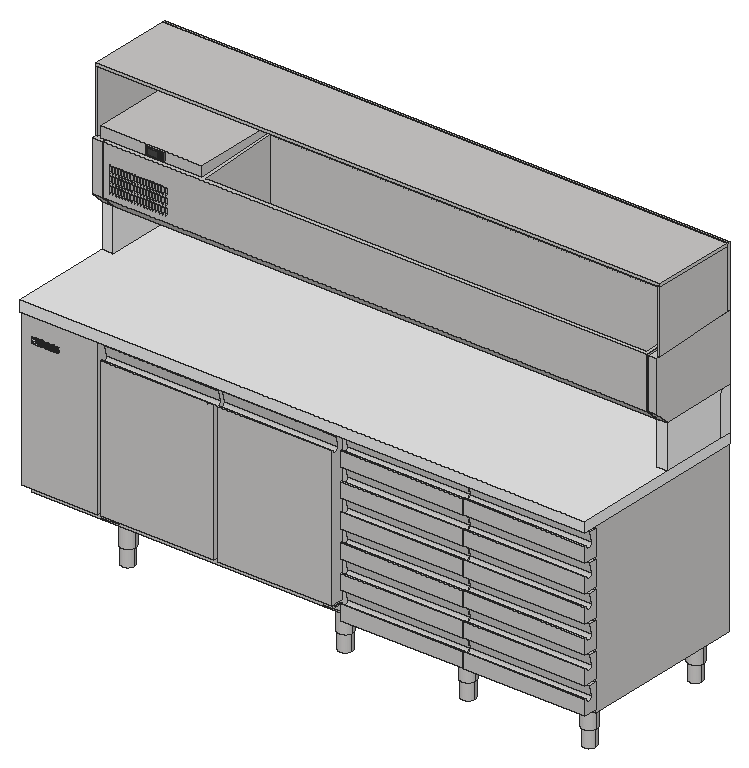
Revit family "QF_ELECTROLUXPROFESSIONAL_725189_RCSH2D12W", category Attrezzature speciali, Revit 2021
Family settings
  Quota connettore circolare = Usa diametro
  Tipo di parte = Normale
  Basato su piano di lavoro = No
  Sempre verticale = Sì
  Taglio con vuoti quando caricato = No
  Condiviso = No
  Punto di calcolo locali = No
Parameters (values of type "Standard")
  Weight = 330.00 kg
  Watts = 420 W
  Volts = 220 V
  URL Manufacturer = "https://www.electroluxprofessional.com/"
  URL = "https://www.electroluxprofessional.com/"
  Steam Supply Size = 0 mm
  Steam Supply Minimum Pressure = 0.0 Pa
  Steam Supply Maximum Pressure = 0.0 Pa
  Steam Consumption per Hour = 0
  Refrigeration Suction Line Size = 0 mm
  Refrigeration Liquid Line Size = 0 mm
  Refrigerant Compressor Remote = yes
  Prospetto di default = 0 mm
  Produttore = "Electrolux Professional"
  Phase = 1
  Modello = "RCSH2D12W"
  Length Actual = 2180 mm  # constant formula
  Item Number = "725189"
  Hot Water Size = 0 mm
  Height Actual = 1502 mm  # constant formula
  HP = "0.6 HP"
  Gas Size = 0 mm
  Gas KW = 0
  Gas Input Pressure = 0 W
  Direct Waste Size = 0 mm
  Descrizione = "REFRIGERATED COUNTER+SHOWCASE 2 DOORS 2x6 DRAWERS"
  Depth Actual = 700 mm  # constant formula
  Cycle = 50 Hz
  Condensate Return Size = 0 mm
  Compressed Air Volume = 0.0 L/s
  Compressed Air Size = 0 mm
  Compressed Air Pressure = 0.0 Pa
  Cold Water Size = 0 mm
  Accessory = yes
Reference planes
  plane 1: z = 0
  plane 2 "Center (Left/Right)": x = -86
  plane 3 "Center (Front/Back)": y = 64.5
  plane 4 "BACK": y = 414.5
  plane 5 "FRONT": y = -285.5
  plane 6 "LEFT": x = -1178.5
  plane 7 "RIGHT": x = 1006.5
  plane 8 "FEET": z = 150
  plane 9 "TOP": z = 840
  plane 10 "PLAIN": z = 800
  plane 11 "EI_back": y = 124.5
  plane 12 "EI_left": x = -1134.5
  plane 13 "BorderBack": y = 412
  plane 14 "BorderFront": y = -283
  plane 15 "DOOR": y = -230.5
  plane 16 "BorderLeft": x = -1176
  plane 17 "BorderRight": x = 1004
  plane 18: x = -921
  plane 19: z = 1005
  plane 20: z = 1502
  plane 21: y = 79.5
  plane 22: z = 1266
  plane 23: z = 1216
  plane 24: x = -843
  plane 25: x = 943
  plane 26: y = 331
  plane 27: y = -183
  plane 28 "DrainY": y = -26
  plane 29 "EIz": z = 1020.844
  plane 30 "DrainX": x = -420
  plane 31: x = -2
  plane 32: y = -683.115
  plane 33: y = -940.5
  plane 34: x = 473
Forms (mm)
  Extrusion 1, solid, material "QF_Finishes_Stainless Steel"
    sketch origin (-1022.223, -1524, 150) x (-1, 0, 0) y (0, -1, 0)
      loop
        circle (112.277, -1648.5) r 5
    from 870 to 865.223
  Extrusion 2, solid, material "QF_Finishes_Stainless Steel"
    sketch origin (-1022.223, -1524, 150) x (-1, 0, 0) y (0, -1, 0)
      loop
        line (153.777, -1936) -> (153.777, -1293.5) -> (-2026.223, -1293.5) -> (-2026.223, -1936) -> (153.777, -1936)
    from 0 to 650
  Extrusion 3, solid, material "QF_Finished_Stone"
    sketch origin (-86, 0, 0) x (0, 1, 0) y (0, 0, 1)
      loop
        line (414.5, 800) -> (414.5, 840) -> (-285.5, 840) -> (-285.5, 800) -> (414.5, 800)
    from -1092.5 to 1092.5
  Extrusion 4, solid, material "QF_Finished_Stone"
    sketch origin (-86, 0, 0) x (0, 1, 0) y (0, 0, 1)
      loop
        line (414.5, 1005) -> (374.5, 1005) -> (374.5, 840) -> (414.5, 840) -> (414.5, 1005)
    from -1092.5 to 1092.5
  Extrusion 5, solid, material "QF_Finished_Stone"
    sketch origin (-1178.5, 0, 0) x (0, 1, 0) y (0, 0, 1)
      loop
        line (374.5, 840) -> (374.5, 1005) -> (114.5, 1005) -> (114.5, 840) -> (374.5, 840)
    from 0 to 40
  Extrusion 6, solid, material "QF_Finished_Stone"
    sketch origin (1006.5, 0, 0) x (0, 1, 0) y (0, 0, 1)
      loop
        line (374.5, 840) -> (374.5, 1005) -> (114.5, 1005) -> (114.5, 840) -> (374.5, 840)
    from 0 to -40
  Extrusion 7, solid, material "QF_Finishes_Stainless Steel"
    sketch origin (-1178.5, 0, 0) x (0, 1, 0) y (0, 0, 1)
      loop
        line (414.5, 1005) -> (414.5, 1267.476) -> (64.5, 1249.81) -> (64.5, 1055) -> (114.5, 1005) -> (414.5, 1005)
    from 0 to 40
  Extrusion 8, solid, material "QF_Finishes_Stainless Steel"
    sketch origin (1006.5, 0, 0) x (0, 1, 0) y (0, 0, 1)
      loop
        line (414.5, 1005) -> (414.5, 1267.476) -> (64.5, 1249.81) -> (64.5, 1055) -> (114.5, 1005) -> (414.5, 1005)
    from 0 to -40
  Extrusion 9, solid, material "QF_Finishes_Stainless Steel"
    sketch origin (-86, 0, 0) x (0, 1, 0) y (0, 0, 1)
      loop
        line (414.5, 1266.476) -> (414.5, 1502) -> (404.5, 1502) -> (404.5, 1266) -> (414.5, 1266.476)
    from 1092.5 to -1092.5
  Extrusion 10, solid, material "QF_Finishes_Stainless Steel"
    sketch origin (-86, 0, 0) x (0, 1, 0) y (0, 0, 1)
      loop
        line (414.5, 1502) -> (79.5, 1502) -> (79.5, 1492) -> (414.5, 1492) -> (414.5, 1502)
    from 1092.5 to -1092.5
  Extrusion 11, solid, material "QF_Finishes_Stainless Steel"
    sketch origin (-1178.5, 0, 0) x (0, 1, 0) y (0, 0, 1)
      loop
        line (404.5, 1492) -> (79.5, 1492) -> (79.5, 1250.524) -> (404.5, 1266) -> (404.5, 1492)
    from 0 to 10
  Extrusion 12, solid, material "QF_Finishes_Stainless Steel"
    sketch origin (1006.5, 0, 0) x (0, 1, 0) y (0, 0, 1)
      loop
        line (404.5, 1492) -> (79.5, 1492) -> (79.5, 1250.524) -> (404.5, 1266) -> (404.5, 1492)
    from 0 to -10
  Extrusion 13, solid, material "QF_Finishes_Stainless Steel"
    sketch origin (-1178.5, 0, 0) x (0, 1, 0) y (0, 0, 1)
      loop
        line (414.5, 1005) -> (414.5, 1266.476) -> (64.5, 1249.81) -> (64.5, 1055) -> (114.5, 1005) -> (414.5, 1005)
    from 2150 to 40
  Extrusion 14, void
    sketch origin (-86, 0, 0) x (0, 1, 0) y (0, 0, 1)
      loop
        line (79.5, 1061.213) -> (120.713, 1020) -> (389.5, 1020) -> (389.5, 1265.286) -> (79.5, 1250.524) -> (79.5, 1061.213)
    from -665 to 1040
  Extrusion 15, solid, material "QF_Finishes_Stainless Steel"
    sketch origin (-86, 0, 24.524) x (0, 1, 0) y (0, 0, 1)
      loop
        line (404.5, 1266) -> (79.5, 1266) -> (79.5, 1226) -> (404.5, 1241.476) -> (404.5, 1266)
    from -1072 to -679.5
  Extrusion 16, void
    sketch origin (40, 64.5, 0) x (-1, 0, 0) y (0, 0, 1)
      loop
        arc (1152.324, 1174.456) -> (1148.324, 1178.456) -> (1144.324, 1174.456) r 4
        line (1144.324, 1174.456) -> (1144.324, 1152.456)
        arc (1144.324, 1152.456) -> (1148.324, 1148.456) -> (1152.324, 1152.456) r 4
        line (1152.324, 1152.456) -> (1152.324, 1174.456)
      loop
        arc (1152.324, 1104.456) -> (1148.324, 1108.456) -> (1144.324, 1104.456) r 4
        line (1144.324, 1104.456) -> (1144.324, 1082.456)
        arc (1144.324, 1082.456) -> (1148.324, 1078.456) -> (1152.324, 1082.456) r 4
        line (1152.324, 1082.456) -> (1152.324, 1104.456)
      loop
        arc (1152.324, 1139.456) -> (1148.324, 1143.456) -> (1144.324, 1139.456) r 4
        line (1144.324, 1139.456) -> (1144.324, 1117.456)
        arc (1144.324, 1117.456) -> (1148.324, 1113.456) -> (1152.324, 1117.456) r 4
        line (1152.324, 1117.456) -> (1152.324, 1139.456)
      loop
        arc (1140.324, 1174.456) -> (1136.324, 1178.456) -> (1132.324, 1174.456) r 4
        line (1132.324, 1174.456) -> (1132.324, 1152.456)
        arc (1132.324, 1152.456) -> (1136.324, 1148.456) -> (1140.324, 1152.456) r 4
        line (1140.324, 1152.456) -> (1140.324, 1174.456)
      loop
        arc (1140.324, 1104.456) -> (1136.324, 1108.456) -> (1132.324, 1104.456) r 4
        line (1132.324, 1104.456) -> (1132.324, 1082.456)
        arc (1132.324, 1082.456) -> (1136.324, 1078.456) -> (1140.324, 1082.456) r 4
        line (1140.324, 1082.456) -> (1140.324, 1104.456)
      loop
        arc (1140.324, 1139.456) -> (1136.324, 1143.456) -> (1132.324, 1139.456) r 4
        line (1132.324, 1139.456) -> (1132.324, 1117.456)
        arc (1132.324, 1117.456) -> (1136.324, 1113.456) -> (1140.324, 1117.456) r 4
        line (1140.324, 1117.456) -> (1140.324, 1139.456)
      loop
        arc (1116.324, 1174.456) -> (1112.324, 1178.456) -> (1108.324, 1174.456) r 4
        line (1108.324, 1174.456) -> (1108.324, 1152.456)
        arc (1108.324, 1152.456) -> (1112.324, 1148.456) -> (1116.324, 1152.456) r 4
        line (1116.324, 1152.456) -> (1116.324, 1174.456)
      loop
        arc (1116.324, 1104.456) -> (1112.324, 1108.456) -> (1108.324, 1104.456) r 4
        line (1108.324, 1104.456) -> (1108.324, 1082.456)
        arc (1108.324, 1082.456) -> (1112.324, 1078.456) -> (1116.324, 1082.456) r 4
        line (1116.324, 1082.456) -> (1116.324, 1104.456)
      loop
        arc (1116.324, 1139.456) -> (1112.324, 1143.456) -> (1108.324, 1139.456) r 4
        line (1108.324, 1139.456) -> (1108.324, 1117.456)
        arc (1108.324, 1117.456) -> (1112.324, 1113.456) -> (1116.324, 1117.456) r 4
        line (1116.324, 1117.456) -> (1116.324, 1139.456)
      loop
        arc (1128.324, 1174.456) -> (1124.324, 1178.456) -> (1120.324, 1174.456) r 4
        line (1120.324, 1174.456) -> (1120.324, 1152.456)
        arc (1120.324, 1152.456) -> (1124.324, 1148.456) -> (1128.324, 1152.456) r 4
        line (1128.324, 1152.456) -> (1128.324, 1174.456)
      loop
        arc (1128.324, 1104.456) -> (1124.324, 1108.456) -> (1120.324, 1104.456) r 4
        line (1120.324, 1104.456) -> (1120.324, 1082.456)
        arc (1120.324, 1082.456) -> (1124.324, 1078.456) -> (1128.324, 1082.456) r 4
        line (1128.324, 1082.456) -> (1128.324, 1104.456)
      loop
        arc (1128.324, 1139.456) -> (1124.324, 1143.456) -> (1120.324, 1139.456) r 4
        line (1120.324, 1139.456) -> (1120.324, 1117.456)
        arc (1120.324, 1117.456) -> (1124.324, 1113.456) -> (1128.324, 1117.456) r 4
        line (1128.324, 1117.456) -> (1128.324, 1139.456)
      loop
        arc (1104.324, 1174.456) -> (1100.324, 1178.456) -> (1096.324, 1174.456) r 4
        line (1096.324, 1174.456) -> (1096.324, 1152.456)
        arc (1096.324, 1152.456) -> (1100.324, 1148.456) -> (1104.324, 1152.456) r 4
        line (1104.324, 1152.456) -> (1104.324, 1174.456)
      loop
        arc (1104.324, 1104.456) -> (1100.324, 1108.456) -> (1096.324, 1104.456) r 4
        line (1096.324, 1104.456) -> (1096.324, 1082.456)
        arc (1096.324, 1082.456) -> (1100.324, 1078.456) -> (1104.324, 1082.456) r 4
        line (1104.324, 1082.456) -> (1104.324, 1104.456)
      loop
        arc (1104.324, 1139.456) -> (1100.324, 1143.456) -> (1096.324, 1139.456) r 4
        line (1096.324, 1139.456) -> (1096.324, 1117.456)
        arc (1096.324, 1117.456) -> (1100.324, 1113.456) -> (1104.324, 1117.456) r 4
        line (1104.324, 1117.456) -> (1104.324, 1139.456)
      loop
        arc (1080.324, 1174.456) -> (1076.324, 1178.456) -> (1072.324, 1174.456) r 4
        line (1072.324, 1174.456) -> (1072.324, 1152.456)
        arc (1072.324, 1152.456) -> (1076.324, 1148.456) -> (1080.324, 1152.456) r 4
        line (1080.324, 1152.456) -> (1080.324, 1174.456)
      loop
        arc (1080.324, 1104.456) -> (1076.324, 1108.456) -> (1072.324, 1104.456) r 4
        line (1072.324, 1104.456) -> (1072.324, 1082.456)
        arc (1072.324, 1082.456) -> (1076.324, 1078.456) -> (1080.324, 1082.456) r 4
        line (1080.324, 1082.456) -> (1080.324, 1104.456)
      loop
        arc (1080.324, 1139.456) -> (1076.324, 1143.456) -> (1072.324, 1139.456) r 4
        line (1072.324, 1139.456) -> (1072.324, 1117.456)
        arc (1072.324, 1117.456) -> (1076.324, 1113.456) -> (1080.324, 1117.456) r 4
        line (1080.324, 1117.456) -> (1080.324, 1139.456)
      loop
        arc (1092.324, 1174.456) -> (1088.324, 1178.456) -> (1084.324, 1174.456) r 4
        line (1084.324, 1174.456) -> (1084.324, 1152.456)
        arc (1084.324, 1152.456) -> (1088.324, 1148.456) -> (1092.324, 1152.456) r 4
        line (1092.324, 1152.456) -> (1092.324, 1174.456)
      loop
        arc (1092.324, 1104.456) -> (1088.324, 1108.456) -> (1084.324, 1104.456) r 4
        line (1084.324, 1104.456) -> (1084.324, 1082.456)
        arc (1084.324, 1082.456) -> (1088.324, 1078.456) -> (1092.324, 1082.456) r 4
        line (1092.324, 1082.456) -> (1092.324, 1104.456)
      loop
        arc (1092.324, 1139.456) -> (1088.324, 1143.456) -> (1084.324, 1139.456) r 4
        line (1084.324, 1139.456) -> (1084.324, 1117.456)
        arc (1084.324, 1117.456) -> (1088.324, 1113.456) -> (1092.324, 1117.456) r 4
        line (1092.324, 1117.456) -> (1092.324, 1139.456)
      loop
        arc (1068.324, 1174.456) -> (1064.324, 1178.456) -> (1060.324, 1174.456) r 4
        line (1060.324, 1174.456) -> (1060.324, 1152.456)
        arc (1060.324, 1152.456) -> (1064.324, 1148.456) -> (1068.324, 1152.456) r 4
        line (1068.324, 1152.456) -> (1068.324, 1174.456)
      loop
        arc (1068.324, 1104.456) -> (1064.324, 1108.456) -> (1060.324, 1104.456) r 4
        line (1060.324, 1104.456) -> (1060.324, 1082.456)
        arc (1060.324, 1082.456) -> (1064.324, 1078.456) -> (1068.324, 1082.456) r 4
        line (1068.324, 1082.456) -> (1068.324, 1104.456)
      loop
        arc (1068.324, 1139.456) -> (1064.324, 1143.456) -> (1060.324, 1139.456) r 4
        line (1060.324, 1139.456) -> (1060.324, 1117.456)
        arc (1060.324, 1117.456) -> (1064.324, 1113.456) -> (1068.324, 1117.456) r 4
        line (1068.324, 1117.456) -> (1068.324, 1139.456)
      loop
        arc (1044.324, 1174.456) -> (1040.324, 1178.456) -> (1036.324, 1174.456) r 4
        line (1036.324, 1174.456) -> (1036.324, 1152.456)
        arc (1036.324, 1152.456) -> (1040.324, 1148.456) -> (1044.324, 1152.456) r 4
        line (1044.324, 1152.456) -> (1044.324, 1174.456)
      loop
        arc (1044.324, 1104.456) -> (1040.324, 1108.456) -> (1036.324, 1104.456) r 4
        line (1036.324, 1104.456) -> (1036.324, 1082.456)
        arc (1036.324, 1082.456) -> (1040.324, 1078.456) -> (1044.324, 1082.456) r 4
        line (1044.324, 1082.456) -> (1044.324, 1104.456)
      loop
        arc (1044.324, 1139.456) -> (1040.324, 1143.456) -> (1036.324, 1139.456) r 4
        line (1036.324, 1139.456) -> (1036.324, 1117.456)
        arc (1036.324, 1117.456) -> (1040.324, 1113.456) -> (1044.324, 1117.456) r 4
        line (1044.324, 1117.456) -> (1044.324, 1139.456)
      loop
        arc (1056.324, 1174.456) -> (1052.324, 1178.456) -> (1048.324, 1174.456) r 4
        line (1048.324, 1174.456) -> (1048.324, 1152.456)
        arc (1048.324, 1152.456) -> (1052.324, 1148.456) -> (1056.324, 1152.456) r 4
        line (1056.324, 1152.456) -> (1056.324, 1174.456)
      loop
        arc (1056.324, 1104.456) -> (1052.324, 1108.456) -> (1048.324, 1104.456) r 4
        line (1048.324, 1104.456) -> (1048.324, 1082.456)
        arc (1048.324, 1082.456) -> (1052.324, 1078.456) -> (1056.324, 1082.456) r 4
        line (1056.324, 1082.456) -> (1056.324, 1104.456)
      loop
        arc (1056.324, 1139.456) -> (1052.324, 1143.456) -> (1048.324, 1139.456) r 4
        line (1048.324, 1139.456) -> (1048.324, 1117.456)
        arc (1048.324, 1117.456) -> (1052.324, 1113.456) -> (1056.324, 1117.456) r 4
        line (1056.324, 1117.456) -> (1056.324, 1139.456)
      loop
        arc (1032.324, 1174.456) -> (1028.324, 1178.456) -> (1024.324, 1174.456) r 4
        line (1024.324, 1174.456) -> (1024.324, 1152.456)
        arc (1024.324, 1152.456) -> (1028.324, 1148.456) -> (1032.324, 1152.456) r 4
        line (1032.324, 1152.456) -> (1032.324, 1174.456)
      loop
        arc (1032.324, 1104.456) -> (1028.324, 1108.456) -> (1024.324, 1104.456) r 4
        line (1024.324, 1104.456) -> (1024.324, 1082.456)
        arc (1024.324, 1082.456) -> (1028.324, 1078.456) -> (1032.324, 1082.456) r 4
        line (1032.324, 1082.456) -> (1032.324, 1104.456)
      loop
        arc (1032.324, 1139.456) -> (1028.324, 1143.456) -> (1024.324, 1139.456) r 4
        line (1024.324, 1139.456) -> (1024.324, 1117.456)
        arc (1024.324, 1117.456) -> (1028.324, 1113.456) -> (1032.324, 1117.456) r 4
        line (1032.324, 1117.456) -> (1032.324, 1139.456)
      loop
        arc (1008.324, 1174.456) -> (1004.324, 1178.456) -> (1000.324, 1174.456) r 4
        line (1000.324, 1174.456) -> (1000.324, 1152.456)
        arc (1000.324, 1152.456) -> (1004.324, 1148.456) -> (1008.324, 1152.456) r 4
        line (1008.324, 1152.456) -> (1008.324, 1174.456)
      loop
        arc (1008.324, 1104.456) -> (1004.324, 1108.456) -> (1000.324, 1104.456) r 4
        line (1000.324, 1104.456) -> (1000.324, 1082.456)
        arc (1000.324, 1082.456) -> (1004.324, 1078.456) -> (1008.324, 1082.456) r 4
        line (1008.324, 1082.456) -> (1008.324, 1104.456)
      loop
        arc (1008.324, 1139.456) -> (1004.324, 1143.456) -> (1000.324, 1139.456) r 4
        line (1000.324, 1139.456) -> (1000.324, 1117.456)
        arc (1000.324, 1117.456) -> (1004.324, 1113.456) -> (1008.324, 1117.456) r 4
        line (1008.324, 1117.456) -> (1008.324, 1139.456)
      loop
        arc (1020.324, 1174.456) -> (1016.324, 1178.456) -> (1012.324, 1174.456) r 4
        line (1012.324, 1174.456) -> (1012.324, 1152.456)
        arc (1012.324, 1152.456) -> (1016.324, 1148.456) -> (1020.324, 1152.456) r 4
        line (1020.324, 1152.456) -> (1020.324, 1174.456)
      loop
        arc (1020.324, 1104.456) -> (1016.324, 1108.456) -> (1012.324, 1104.456) r 4
        line (1012.324, 1104.456) -> (1012.324, 1082.456)
        arc (1012.324, 1082.456) -> (1016.324, 1078.456) -> (1020.324, 1082.456) r 4
        line (1020.324, 1082.456) -> (1020.324, 1104.456)
      loop
        arc (1020.324, 1139.456) -> (1016.324, 1143.456) -> (1012.324, 1139.456) r 4
        line (1012.324, 1139.456) -> (1012.324, 1117.456)
        arc (1012.324, 1117.456) -> (1016.324, 1113.456) -> (1020.324, 1117.456) r 4
        line (1020.324, 1117.456) -> (1020.324, 1139.456)
      loop
        arc (996.324, 1174.456) -> (992.324, 1178.456) -> (988.324, 1174.456) r 4
        line (988.324, 1174.456) -> (988.324, 1152.456)
        arc (988.324, 1152.456) -> (992.324, 1148.456) -> (996.324, 1152.456) r 4
        line (996.324, 1152.456) -> (996.324, 1174.456)
      loop
        arc (996.324, 1104.456) -> (992.324, 1108.456) -> (988.324, 1104.456) r 4
        line (988.324, 1104.456) -> (988.324, 1082.456)
        arc (988.324, 1082.456) -> (992.324, 1078.456) -> (996.324, 1082.456) r 4
        line (996.324, 1082.456) -> (996.324, 1104.456)
      loop
        arc (996.324, 1139.456) -> (992.324, 1143.456) -> (988.324, 1139.456) r 4
        line (988.324, 1139.456) -> (988.324, 1117.456)
        arc (988.324, 1117.456) -> (992.324, 1113.456) -> (996.324, 1117.456) r 4
        line (996.324, 1117.456) -> (996.324, 1139.456)
      loop
        arc (972.324, 1174.456) -> (968.324, 1178.456) -> (964.324, 1174.456) r 4
        line (964.324, 1174.456) -> (964.324, 1152.456)
        arc (964.324, 1152.456) -> (968.324, 1148.456) -> (972.324, 1152.456) r 4
        line (972.324, 1152.456) -> (972.324, 1174.456)
      loop
        arc (972.324, 1104.456) -> (968.324, 1108.456) -> (964.324, 1104.456) r 4
        line (964.324, 1104.456) -> (964.324, 1082.456)
        arc (964.324, 1082.456) -> (968.324, 1078.456) -> (972.324, 1082.456) r 4
        line (972.324, 1082.456) -> (972.324, 1104.456)
      loop
        arc (972.324, 1139.456) -> (968.324, 1143.456) -> (964.324, 1139.456) r 4
        line (964.324, 1139.456) -> (964.324, 1117.456)
        arc (964.324, 1117.456) -> (968.324, 1113.456) -> (972.324, 1117.456) r 4
        line (972.324, 1117.456) -> (972.324, 1139.456)
      loop
        arc (984.324, 1174.456) -> (980.324, 1178.456) -> (976.324, 1174.456) r 4
        line (976.324, 1174.456) -> (976.324, 1152.456)
        arc (976.324, 1152.456) -> (980.324, 1148.456) -> (984.324, 1152.456) r 4
        line (984.324, 1152.456) -> (984.324, 1174.456)
      loop
        arc (984.324, 1104.456) -> (980.324, 1108.456) -> (976.324, 1104.456) r 4
        line (976.324, 1104.456) -> (976.324, 1082.456)
        arc (976.324, 1082.456) -> (980.324, 1078.456) -> (984.324, 1082.456) r 4
        line (984.324, 1082.456) -> (984.324, 1104.456)
      loop
        arc (984.324, 1139.456) -> (980.324, 1143.456) -> (976.324, 1139.456) r 4
        line (976.324, 1139.456) -> (976.324, 1117.456)
        arc (976.324, 1117.456) -> (980.324, 1113.456) -> (984.324, 1117.456) r 4
        line (984.324, 1117.456) -> (984.324, 1139.456)
      loop
        arc (960.324, 1174.456) -> (956.324, 1178.456) -> (952.324, 1174.456) r 4
        line (952.324, 1174.456) -> (952.324, 1152.456)
        arc (952.324, 1152.456) -> (956.324, 1148.456) -> (960.324, 1152.456) r 4
        line (960.324, 1152.456) -> (960.324, 1174.456)
      loop
        arc (960.324, 1104.456) -> (956.324, 1108.456) -> (952.324, 1104.456) r 4
        line (952.324, 1104.456) -> (952.324, 1082.456)
        arc (952.324, 1082.456) -> (956.324, 1078.456) -> (960.324, 1082.456) r 4
        line (960.324, 1082.456) -> (960.324, 1104.456)
      loop
        arc (960.324, 1139.456) -> (956.324, 1143.456) -> (952.324, 1139.456) r 4
        line (952.324, 1139.456) -> (952.324, 1117.456)
        arc (952.324, 1117.456) -> (956.324, 1113.456) -> (960.324, 1117.456) r 4
        line (960.324, 1117.456) -> (960.324, 1139.456)
      loop
        arc (948.324, 1174.456) -> (944.324, 1178.456) -> (940.324, 1174.456) r 4
        line (940.324, 1174.456) -> (940.324, 1152.456)
        arc (940.324, 1152.456) -> (944.324, 1148.456) -> (948.324, 1152.456) r 4
        line (948.324, 1152.456) -> (948.324, 1174.456)
      loop
        arc (948.324, 1104.456) -> (944.324, 1108.456) -> (940.324, 1104.456) r 4
        line (940.324, 1104.456) -> (940.324, 1082.456)
        arc (940.324, 1082.456) -> (944.324, 1078.456) -> (948.324, 1082.456) r 4
        line (948.324, 1082.456) -> (948.324, 1104.456)
      loop
        arc (948.324, 1139.456) -> (944.324, 1143.456) -> (940.324, 1139.456) r 4
        line (940.324, 1139.456) -> (940.324, 1117.456)
        arc (940.324, 1117.456) -> (944.324, 1113.456) -> (948.324, 1117.456) r 4
        line (948.324, 1117.456) -> (948.324, 1139.456)
      loop
        arc (936.324, 1174.456) -> (932.324, 1178.456) -> (928.324, 1174.456) r 4
        line (928.324, 1174.456) -> (928.324, 1152.456)
        arc (928.324, 1152.456) -> (932.324, 1148.456) -> (936.324, 1152.456) r 4
        line (936.324, 1152.456) -> (936.324, 1174.456)
      loop
        arc (936.324, 1104.456) -> (932.324, 1108.456) -> (928.324, 1104.456) r 4
        line (928.324, 1104.456) -> (928.324, 1082.456)
        arc (928.324, 1082.456) -> (932.324, 1078.456) -> (936.324, 1082.456) r 4
        line (936.324, 1082.456) -> (936.324, 1104.456)
      loop
        arc (936.324, 1139.456) -> (932.324, 1143.456) -> (928.324, 1139.456) r 4
        line (928.324, 1139.456) -> (928.324, 1117.456)
        arc (928.324, 1117.456) -> (932.324, 1113.456) -> (936.324, 1117.456) r 4
        line (936.324, 1117.456) -> (936.324, 1139.456)
    from 0 to 15
  Extrusion 17, solid, material "QF_Finishes_Stainless Steel"
    sketch origin (-1356.223, -1524, 150) x (-1, 0, 0) y (0, -1, 0)
      loop
        circle (-936.223, -1498) r 10
    from 0 to -10
Cuts and joins
  Extrusion 14, Extrusion 16 cuts Extrusion 13
Lines and regions (mm)
  model lines, style "QF_Door-Drawer Clearances"
    curve 1: line (-86, 414.5, 1492) -> (-86, 414.5, 1502)
  symbolic lines, style "SpecialityEquipment"
    curve 2: line (-1178.5, 414.5, 150) -> (1006.5, 414.5, 150)
    curve 3: line (-1178.5, -285.5, 150) -> (-1178.5, 414.5, 150)
    curve 4: line (1006.5, -285.5, 150) -> (-1178.5, -285.5, 150)
    curve 5: line (1006.5, 414.5, 150) -> (1006.5, -285.5, 150)
  symbolic lines
    curve 6: line (-1178.5, 64.5, 150) -> (1006.5, 64.5, 150)
  symbolic lines, style "SpecialityEquipmentHiddenLines"
    curve 7: line (-1178.5, -230.5, 150) -> (1006.5, -230.5, 150)
Dimensions and locks
  equal spacing: plane 6 "LEFT", plane 2 "Center (Left/Right)", plane 7 "RIGHT"
  plane 4 "BACK" to plane 5 "FRONT" = 700 mm
  plane 8 "FEET" to level = 150 mm
  plane 4 "BACK" to plane 13 "BorderBack" = 2.5 mm
  plane 14 "BorderFront" to plane 5 "FRONT" = 2.5 mm
  plane 15 "DOOR" to plane 14 "BorderFront" = 52.5 mm
  plane 6 "LEFT" to plane 16 "BorderLeft" = 2.5 mm
  plane 17 "BorderRight" to plane 7 "RIGHT" = 2.5 mm
  plane 10 "PLAIN" to plane 8 "FEET" = 650 mm
  plane 9 "TOP" to plane 10 "PLAIN" = 40 mm
  plane 16 "BorderLeft" to plane 18 = 255 mm
  plane 6 "LEFT" to plane 7 "RIGHT" = 2185 mm
  equal spacing: plane 4 "BACK", plane 3 "Center (Front/Back)", plane 5 "FRONT"
  plane 6 "LEFT" to plane 12 "EI_left" = 44 mm
  plane 19 to plane 9 "TOP" = 165 mm
  plane 20 to plane 19 = 497 mm
  plane 22 to plane 19 = 261 mm
  plane 22 to plane 23 = 50 mm
  plane 24 to plane 16 "BorderLeft" = 333 mm
  plane 13 "BorderBack" to plane 26 = 81 mm
  plane 26 to plane 27 = 514 mm
  plane 27 to plane 14 "BorderFront" = 100 mm
  plane 13 "BorderBack" to plane 14 "BorderFront" = 695 mm
  Extrusion 2 to plane 28 "DrainY" = 438 mm
  plane 4 "BACK" to plane 11 "EI_back" = 290 mm
  plane 17 "BorderRight" to plane 16 "BorderLeft" = 2180 mm
  plane 17 "BorderRight" to plane 30 "DrainX" = 1424 mm
  plane 4 "BACK" to plane 21 = 335 mm
  Extrusion 7 to plane 3 "Center (Front/Back)" = 350 mm
  plane 19 to level = 1005 mm
  plane 31 to plane 24 = 841 mm
  plane 4 "BACK" to plane 33 = 1355 mm
  plane 4 "BACK" to plane 32 = 1097.615 mm
  plane 34 to plane 31 = 475 mm
  plane 25 to plane 34 = 470 mm
  plane 17 "BorderRight" to plane 25 = 61 mm
  plane 20 to plane 1 = 1502 mm
  aligned and locked: level to plane 1
  aligned and locked: Extrusion 3 to plane 6 "LEFT"
  aligned and locked: plane 7 "RIGHT" to Extrusion 3
  aligned and locked: plane 24 to nested 4
  aligned and locked: nested 2 to nested 4
  aligned and locked: plane 25 to nested 5
  aligned and locked: nested 3 to nested 5
  aligned and locked: nested 11 to nested 12
  aligned and locked: plane 31 to nested 12
  aligned and locked: nested 13 to nested 14
  aligned and locked: plane 34 to nested 14
Automatic sketch dimensions
  curve 1 to plane 4 "BACK" = 0 mm
  curve 1 to plane 20 = 0 mm
  curve 1 to plane 20 = 10 mm
  Extrusion 1 sketch curve to plane 11 "EI_back" = 0 mm
  Extrusion 1 sketch curve to plane 12 "EI_left" = 0 mm
  Extrusion 2 sketch curve to plane 13 "BorderBack" = 0 mm
  Extrusion 2 sketch curve to plane 17 "BorderRight" = 0 mm
  Extrusion 2 sketch curve to plane 15 "DOOR" = 0 mm
  Extrusion 2 sketch curve to plane 16 "BorderLeft" = 0 mm
  Extrusion 3 sketch curve to plane 5 "FRONT" = 0 mm
  Extrusion 3 sketch curve to plane 4 "BACK" = 0 mm
  Extrusion 3 sketch curve to plane 10 "PLAIN" = 0 mm
  Extrusion 3 sketch curve to plane 9 "TOP" = 0 mm
  Extrusion 4 sketch curve to plane 19 = 0 mm
  Extrusion 4 sketch curve to plane 9 "TOP" = 0 mm
  Extrusion 4 sketch curve to plane 4 "BACK" = 0 mm
  Extrusion 4 sketch curve to plane 13 "BorderBack" = 37.5 mm
  Extrusion 5 sketch curve to plane 9 "TOP" = 0 mm
  Extrusion 5 sketch curve to plane 19 = 0 mm
  Extrusion 5 sketch curve to plane 11 "EI_back" = 10 mm
  Extrusion 5 sketch curve to plane 13 "BorderBack" = 37.5 mm
  Extrusion 6 sketch curve to plane 9 "TOP" = 0 mm
  Extrusion 6 sketch curve to plane 19 = 0 mm
  Extrusion 6 sketch curve to plane 11 "EI_back" = 10 mm
  Extrusion 6 sketch curve to plane 13 "BorderBack" = 37.5 mm
  Extrusion 7 sketch curve to plane 19 = 0 mm
  Extrusion 7 sketch curve to plane 11 "EI_back" = 10 mm
  plane 19 to Extrusion 7 sketch curve = 50 mm
  Extrusion 7 sketch curve to Extrusion 7 sketch curve = 194.81 mm
  Extrusion 7 sketch curve to plane 20 = 234.524 mm
  Extrusion 8 sketch curve to plane 19 = 0 mm
  Extrusion 8 sketch curve to plane 4 "BACK" = 0 mm
  Extrusion 8 sketch curve to plane 11 "EI_back" = 10 mm
  plane 19 to Extrusion 8 sketch curve = 50 mm
  Extrusion 8 sketch curve to Extrusion 8 sketch curve = 194.81 mm
  Extrusion 8 sketch curve to plane 20 = 234.524 mm
  Extrusion 9 sketch curve to plane 20 = 0 mm
  Extrusion 10 sketch curve to plane 20 = 0 mm
  Extrusion 10 sketch curve to plane 21 = 0 mm
  Extrusion 10 sketch curve to plane 4 "BACK" = 0 mm
  Extrusion 10 sketch curve to plane 20 = 10 mm
  Extrusion 11 sketch curve to plane 21 = 0 mm
  Extrusion 11 sketch curve to plane 20 = 10 mm
  Extrusion 12 sketch curve to plane 21 = 0 mm
  Extrusion 12 sketch curve to plane 20 = 10 mm
  Extrusion 13 sketch curve to plane 19 = 0 mm
  Extrusion 13 sketch curve to plane 4 "BACK" = 0 mm
  Extrusion 13 sketch curve to plane 11 "EI_back" = 10 mm
  plane 19 to Extrusion 13 sketch curve = 50 mm
  Extrusion 13 sketch curve to Extrusion 13 sketch curve = 194.81 mm
  Extrusion 15 sketch curve to plane 21 = 0 mm
  Extrusion 15 sketch curve to plane 22 = 0 mm
  Extrusion 15 sketch curve to plane 13 "BorderBack" = 7.5 mm
  Extrusion 15 sketch curve to plane 22 = 15.476 mm
  plane 22 to Extrusion 15 sketch curve = 24.524 mm
  Extrusion 7 sketch curve to plane 3 "Center (Front/Back)" = 0 mm
  Extrusion 7 sketch curve to plane 4 "BACK" = 0 mm
  Extrusion 11 sketch curve to plane 13 "BorderBack" = 7.5 mm
  Extrusion 11 sketch curve to plane 22 = 0 mm
  Extrusion 11 sketch curve to plane 22 = 15.476 mm
  Extrusion 9 sketch curve to plane 13 "BorderBack" = 7.5 mm
  plane 22 to Extrusion 9 sketch curve = 0.476 mm
  Extrusion 9 sketch curve to plane 22 = 0 mm
  Extrusion 9 sketch curve to plane 4 "BACK" = 0 mm
  Extrusion 12 sketch curve to plane 13 "BorderBack" = 7.5 mm
  Extrusion 12 sketch curve to plane 22 = 15.476 mm
  Extrusion 12 sketch curve to plane 22 = 0 mm
  plane 22 to Extrusion 13 sketch curve = 0.476 mm
  Extrusion 13 sketch curve to plane 3 "Center (Front/Back)" = 0 mm
  Extrusion 8 sketch curve to plane 3 "Center (Front/Back)" = 0 mm
  Extrusion 14 sketch curve to plane 11 "EI_back" = 3.787 mm
  Extrusion 14 sketch curve to plane 13 "BorderBack" = 22.5 mm
  plane 19 to Extrusion 14 sketch curve = 15 mm
  plane 19 to Extrusion 14 sketch curve = 56.213 mm
  Extrusion 14 sketch curve to plane 21 = 0 mm
  Extrusion 14 sketch curve to plane 22 = 15.476 mm
  Extrusion 14 sketch curve to plane 22 = 0.714 mm
  Extrusion 17 sketch curve to plane 2 "Center (Left/Right)" = 334 mm
  plane 28 "DrainY" to Extrusion 17 sketch curve = 0 mm
  curve 5 to plane 4 "BACK" = 0 mm
  curve 5 to plane 7 "RIGHT" = 0 mm
  curve 3 to plane 6 "LEFT" = 0 mm
  curve 6 to plane 3 "Center (Front/Back)" = 0 mm
  curve 7 to plane 15 "DOOR" = 0 mm
  curve 5 to plane 5 "FRONT" = 0 mm
  plane 18 to Extrusion 16 sketch curve = 32.676 mm  (x2)
  Extrusion 16 sketch curve to Extrusion 16 sketch curve = 0 mm  (x88)
  Extrusion 16 sketch curve to Extrusion 16 sketch curve = 4 mm  (x108)
  Extrusion 16 sketch curve to plane 18 = 3.324 mm  (x3)
  plane 29 "EIz" to Extrusion 16 sketch curve = 61.612 mm  (x2)
  Extrusion 16 sketch curve to Extrusion 16 sketch curve = 22 mm  (x11)
  Extrusion 16 sketch curve to Extrusion 16 sketch curve = 13 mm  (x14)
  radius of Extrusion 1 sketch curve = 5 mm
  radius of Extrusion 17 sketch curve = 10 mm
Nested families
  nested 1: "HP_Refrigerator" at (723, -280.5, 0), type "HP_Refrigerator"
  nested 2: "FEET_150PZ" at (-843, 331, 0), type "FEET_150PZ"
  nested 3: "FEET_150PZ" at (943, 331, 0), type "FEET_150PZ"
  nested 4: "FEET_150PZ" at (-843, -183, 0), type "FEET_150PZ"
  nested 5: "FEET_150PZ" at (943, -183, 0), type "FEET_150PZ"
  nested 6: "ELX_REF_PZ" at (-969.08, -230.5, 548) x (1, 0, 0) z (0, -1, 0), type "ELX_REF_PZ"
    with Show Logo yes
  nested 7: "SD_L_PZ" at (-652, -230.5, 458.88) x (1, 0, 0) z (0, -1, 0), type "SD_L_PZ"
    with Show Clearance yes
  nested 8: "SD_R_PZ" at (-198, -230.5, 458.88) x (1, 0, 0) z (0, -1, 0), type "SD_R_PZ"
    with Show Clearance yes
  nested 9: "PZ_DISPLAY" at (-941, 79.5, 1249.81) x (1, 0, 0) z (0, -1, 0), type "PZ_DISPLAY"
    with Show Logo yes
  nested 10: "6DRAWER_PZ" at (295, -230.5, 475.503) x (1, 0, 0) z (0, -1, 0), type "6DRAWER_PZ"
    with Show Clearance yes
  nested 11: "FEET_150PZ" at (-2, 331, 0), type "FEET_150PZ"
  nested 12: "FEET_150PZ" at (-2, -183, 0), type "FEET_150PZ"
  nested 13: "FEET_150PZ" at (473, 331, 0), type "FEET_150PZ"
  nested 14: "FEET_150PZ" at (473, -183, 0), type "FEET_150PZ"
  nested 15: "6DRAWER_PZ" at (769, -230.5, 475.503) x (1, 0, 0) z (0, -1, 0), type "6DRAWER_PZ"
    with Show Clearance yes
Connectors
  electrical at (-1134.5, 124.5, 1015.223), driven by "Volts"
    settings: on Extrusion 1, index 1, voltage 220 V, apparent load 0 VA, apparent load phase1 0 VA, apparent load phase2 0 VA, apparent load phase3 0 VA, power factor 1, load classification "Other", number of poles 1, system type 31, power factor state 1, is connector primary yes, connector utility no, sub classification motor no, connector description "Electrical Connection"
  piping at (-420, -26, 140), diameter 20
    settings: on Extrusion 17, index 2, connector inside diameter 609.6 mm, connector length 0 mm, flow factor 0, pipe flow 0.0 L/s, pressure drop 0.0 Pa, fitting loss kfactor 0, connector angle 0.00°, fixture units 0, engagement length 0 mm, angle of deflection 0.00°, flow configuration 1, flow direction 2, fitting loss method 0, system type 16, joint type 0, gender type 0, connector reference index -1, connector utility 0, adjustable connector no, is connector primary yes, connector description "Drain"
Definition of nested family "FEET_150PZ"
  Parameters
    Default Elevation = 0 mm
    FEET = 150 mm
  Reference planes
    plane 1 "Center (Front/Back)": y = 0
    plane 2: z = 0
    plane 3 "Center (Left/Right)": x = 0
    plane 4: z = 150
  Forms (mm)
    Revolve 1, solid
      sketch origin (255.05, 0, 608.09) x (0, 0, 1) y (-1, 0, 0)
        loop
          line (-608.09, 255.05) -> (-608.09, 230.05) -> (-543.09, 230.05) -> (-543.09, 226.05) -> (-458.09, 226.05) -> (-458.09, 255.05) -> (-608.09, 255.05)
        axis (-608.09, 255.05) -> (-458.09, 255.05)
      angle from 0 to 360
  Dimensions and locks
    "FEET": plane 4 to plane 2
    aligned and locked: level to plane 2
    aligned and locked: plane 4 to Revolve 1 sketch curve
    aligned and locked: Revolve 1 sketch curve to level
    aligned and locked: plane 3 "Center (Left/Right)" to Revolve 1 sketch curve
  Automatic sketch dimensions
    Revolve 1 sketch curve to plane 3 "Center (Left/Right)" = 0 mm
    Revolve 1 sketch curve to Revolve 1 sketch curve = 25 mm
    Revolve 1 sketch curve to Revolve 1 sketch curve = 29 mm
    plane 4 to Revolve 1 sketch curve = 50 mm
    Revolve 1 sketch curve to Revolve 1 sketch curve = 20 mm
    level to Revolve 1 sketch curve = 65 mm
Definition of nested family "ELX_REF_PZ"
  Parameters
    Show Logo [instance] = yes
    Default Elevation = 1219.2 mm
  Reference planes
    plane 1 "Center (Front/Back)": y = -49
    plane 2: z = 0
    plane 3 "Center (Left/Right)": x = -59.92
    plane 4: x = -206.92
    plane 5: x = 87.08
    plane 6: y = 252
    plane 7: y = -350
  Forms (mm)
    Extrusion 1, solid
      sketch origin (0, 0, 0) x (1, 0, 0) y (0, 1, 0)
        loop
          line (-1219.2, 1219.2) -> (-1219.2, -1219.2) -> (1219.2, -1219.2) -> (1219.2, 1219.2) -> (-1219.2, 1219.2)
      from 0 to -304.8
    Extrusion 2, solid
      sketch origin (0, 0, 0) x (1, 0, 0) y (0, 1, 0)
        loop
          line (-206.92, 252) -> (-206.92, -350) -> (87.08, -350) -> (87.08, 252) -> (-206.92, 252)
      from 0 to 50
    Extrusion 3, solid
      sketch origin (0, -139.675, 0) x (1, 0, 0) y (0, 1, 0)
        loop
          line (-151.789, 316.773) -> (-151.789, 296.978)
          arc (-151.789, 296.978) -> (-144.471, 306.876) -> (-151.789, 316.773) r 10.352
        loop
          arc (-152.795, 316.773) -> (-161.028, 314.902) -> (-164.994, 307.45) r 10.145
          line (-164.994, 307.45) -> (-161.719, 307.45)
          arc (-161.719, 307.45) -> (-155.869, 309.824) -> (-152.795, 315.34) r 9.509
          line (-152.795, 315.34) -> (-152.795, 316.773)
        loop
          arc (-152.795, 298.412) -> (-155.869, 303.927) -> (-161.719, 306.302) r 9.509
          line (-161.719, 306.302) -> (-164.994, 306.302)
          arc (-164.994, 306.302) -> (-161.034, 298.788) -> (-152.795, 296.724) r 10.411
          line (-152.795, 296.724) -> (-152.795, 298.412)
        loop
          line (-165.745, 317.853) -> (-165.745, 295.853) -> (-143.715, 295.853) -> (-143.715, 317.853) -> (-165.745, 317.853)
      from 50 to 51.6
    Extrusion 4, solid
      sketch origin (0, -139.675, 0) x (1, 0, 0) y (0, 1, 0)
        loop
          line (-130.886, 317.823) -> (-138.322, 317.823) -> (-138.322, 309.164)
          arc (-138.322, 309.164) -> (-137.343, 306.802) -> (-134.981, 305.823) r 3.341
          line (-134.981, 305.823) -> (-130.742, 305.823) -> (-130.742, 307.765) -> (-134.497, 307.765)
          arc (-134.497, 307.765) -> (-135.731, 308.182) -> (-136.256, 309.374) r 1.615
          line (-136.256, 309.374) -> (-136.256, 311.091) -> (-131.207, 311.091) -> (-131.207, 313.041) -> (-136.256, 313.041) -> (-136.256, 315.879) -> (-130.886, 315.879) -> (-130.886, 317.823)
        loop
          line (-129.274, 317.823) -> (-129.274, 305.823) -> (-127.207, 305.823) -> (-127.207, 317.823) -> (-129.274, 317.823)
        loop
          line (-84.382, 317.823) -> (-84.382, 305.823) -> (-82.314, 305.823) -> (-82.314, 317.823) -> (-84.382, 317.823)
        loop
          line (-123.789, 309.655) -> (-117.006, 309.655)
          arc (-117.006, 309.655) -> (-118.067, 313.381) -> (-121.695, 314.74) r 4.298
          arc (-121.695, 314.74) -> (-124.891, 313.12) -> (-125.803, 309.655) r 4.373
          arc (-125.803, 309.655) -> (-124.603, 306.758) -> (-121.705, 305.558) r 4.097
          arc (-121.705, 305.558) -> (-119.451, 305.89) -> (-117.56, 307.163) r 5.15
          line (-117.56, 307.163) -> (-118.785, 308.388)
          arc (-118.785, 308.388) -> (-120.392, 307.423) -> (-122.259, 307.586) r 3.039
          arc (-122.259, 307.586) -> (-123.398, 308.344) -> (-123.789, 309.655) r 2.013
        loop
          line (-123.737, 311.108) -> (-119.083, 311.108)
          arc (-119.083, 311.108) -> (-119.736, 312.483) -> (-121.171, 312.989) r 1.983
          arc (-121.171, 312.989) -> (-122.827, 312.557) -> (-123.737, 311.108) r 2.321
        loop
          line (-108.949, 311.973) -> (-107.651, 313.271)
          arc (-107.651, 313.271) -> (-109.279, 314.449) -> (-111.257, 314.801) r 4.497
          arc (-111.257, 314.801) -> (-114.273, 313.699) -> (-115.856, 310.905) r 4.652
          arc (-115.856, 310.905) -> (-113.188, 306.006) -> (-107.724, 307.135) r 4.684
          line (-107.724, 307.135) -> (-109.015, 308.426)
          arc (-109.015, 308.426) -> (-111.801, 307.504) -> (-113.797, 309.655) r 2.714
          arc (-113.797, 309.655) -> (-113.658, 311.356) -> (-112.487, 312.597) r 2.578
          arc (-112.487, 312.597) -> (-110.613, 312.883) -> (-108.949, 311.973) r 2.961
        loop
          line (-106.382, 317.823) -> (-106.382, 309.623)
          arc (-106.382, 309.623) -> (-106.203, 308.392) -> (-105.742, 307.237) r 5.301
          arc (-105.742, 307.237) -> (-104.267, 306.064) -> (-102.399, 305.818) r 3.531
          line (-102.399, 305.818) -> (-102.399, 307.754)
          arc (-102.399, 307.754) -> (-102.954, 307.797) -> (-103.472, 308.002) r 1.862
          arc (-103.472, 308.002) -> (-104.137, 308.705) -> (-104.315, 309.655) r 1.713
          line (-104.315, 309.655) -> (-104.315, 312.624) -> (-102.437, 312.624) -> (-102.437, 314.502) -> (-104.315, 314.502) -> (-104.315, 317.823) -> (-106.382, 317.823)
        loop
          arc (-98.648, 310.385) -> (-98.5, 311.25) -> (-98.074, 312.017) r 2.607
          arc (-98.074, 312.017) -> (-96.836, 312.653) -> (-95.444, 312.624) r 2.84
          line (-95.444, 312.624) -> (-95.444, 314.611)
          arc (-95.444, 314.611) -> (-97.262, 314.44) -> (-98.648, 313.251) r 3.016
          line (-98.648, 313.251) -> (-98.648, 314.502) -> (-100.698, 314.502) -> (-100.698, 305.823) -> (-98.648, 305.823) -> (-98.648, 310.385)
        loop
          circle (-90.39, 310.161) r 4.599
        loop
          circle (-90.39, 310.161) r 2.787
        loop
          arc (-74.859, 309.437) -> (-75.369, 308.034) -> (-76.754, 307.475) r 1.835
          arc (-76.754, 307.475) -> (-78.138, 308.034) -> (-78.649, 309.437) r 1.835
          line (-78.649, 309.437) -> (-78.649, 314.502) -> (-80.733, 314.502) -> (-80.733, 309.265)
          arc (-80.733, 309.265) -> (-79.547, 306.561) -> (-76.754, 305.603) r 3.675
          arc (-76.754, 305.603) -> (-73.929, 306.59) -> (-72.775, 309.35) r 3.675
          line (-72.775, 309.35) -> (-72.775, 314.502) -> (-74.859, 314.502) -> (-74.859, 309.437)
        loop
          line (-71.526, 314.502) -> (-68.524, 310.427) -> (-71.822, 305.82) -> (-69.6, 305.82) -> (-67.411, 308.877) -> (-65.19, 305.82) -> (-62.982, 305.82) -> (-66.233, 310.474) -> (-63.26, 314.502) -> (-65.517, 314.502) -> (-67.418, 311.925) -> (-69.29, 314.502) -> (-71.526, 314.502)
        loop
          line (-137.16, 300.848) -> (-138.808, 300.848) -> (-138.808, 296.698) -> (-137.906, 296.698) -> (-137.906, 298.127) -> (-136.909, 298.127)
          arc (-136.909, 298.127) -> (-135.793, 299.602) -> (-137.16, 300.848) r 1.372
        loop
          arc (-136.948, 298.943) -> (-136.607, 299.476) -> (-136.948, 300.01) r 0.587
          line (-136.948, 300.01) -> (-137.906, 300.01) -> (-137.906, 298.943) -> (-136.948, 298.943)
        loop
          line (-130.648, 300.848) -> (-132.324, 300.848) -> (-132.324, 296.698) -> (-131.422, 296.698) -> (-131.422, 298.127) -> (-130.55, 298.127) -> (-129.953, 296.698) -> (-128.984, 296.698) -> (-129.8, 298.448)
          arc (-129.8, 298.448) -> (-129.409, 298.915) -> (-129.278, 299.51) r 1.281
          arc (-129.278, 299.51) -> (-129.69, 300.458) -> (-130.648, 300.848) r 1.37
        loop
          line (-131.422, 300.01) -> (-131.422, 298.943) -> (-130.465, 298.943)
          arc (-130.465, 298.943) -> (-130.123, 299.476) -> (-130.465, 300.01) r 0.587
          line (-130.465, 300.01) -> (-131.422, 300.01)
        loop
          circle (-123.686, 298.773) r 2.156
        loop
          circle (-123.686, 298.773) r 1.368
        loop
          line (-117.987, 300.848) -> (-117.987, 296.698) -> (-117.107, 296.698) -> (-117.107, 298.148) -> (-115.545, 298.148) -> (-115.545, 299.078) -> (-117.107, 299.078) -> (-117.107, 299.954) -> (-115.395, 299.954) -> (-115.395, 300.848) -> (-117.987, 300.848)
        loop
          line (-111.895, 300.848) -> (-111.895, 298.046)
          arc (-111.895, 298.046) -> (-111.513, 297.096) -> (-110.568, 296.701) r 1.327
          line (-110.568, 296.701) -> (-109.229, 296.701) -> (-109.229, 297.485) -> (-110.488, 297.485)
          arc (-110.488, 297.485) -> (-110.952, 297.868) -> (-111.043, 298.463) r 0.845
          line (-111.043, 298.463) -> (-109.384, 298.463) -> (-109.384, 299.247) -> (-111.043, 299.247) -> (-111.043, 300.064) -> (-109.269, 300.064) -> (-109.269, 300.848) -> (-111.895, 300.848)
        loop
          arc (-96.867, 300.323) -> (-97.417, 300.773) -> (-98.113, 300.917) r 1.485
          arc (-98.113, 300.917) -> (-98.756, 300.759) -> (-99.285, 300.361) r 1.645
          arc (-99.285, 300.361) -> (-99.382, 299.418) -> (-98.775, 298.691) r 1.217
          arc (-98.775, 298.691) -> (-98.263, 298.521) -> (-97.778, 298.286) r 4.201
          arc (-97.778, 298.286) -> (-97.472, 297.925) -> (-97.683, 297.502) r 0.43
          arc (-97.683, 297.502) -> (-98.075, 297.409) -> (-98.465, 297.508) r 0.846
          arc (-98.465, 297.508) -> (-98.803, 297.751) -> (-99.009, 298.112) r 0.983
          line (-99.009, 298.112) -> (-99.735, 297.774)
          arc (-99.735, 297.774) -> (-99.474, 297.269) -> (-99.052, 296.889) r 1.595
          arc (-99.052, 296.889) -> (-98.574, 296.684) -> (-98.057, 296.632) r 1.719
          arc (-98.057, 296.632) -> (-97.418, 296.76) -> (-96.842, 297.066) r 2.246
          arc (-96.842, 297.066) -> (-96.587, 297.742) -> (-96.719, 298.453) r 1.349
          arc (-96.719, 298.453) -> (-97.002, 298.78) -> (-97.365, 299.017) r 1.564
          arc (-97.365, 299.017) -> (-97.824, 299.222) -> (-98.295, 299.398) r 8.236
          arc (-98.295, 299.398) -> (-98.566, 299.821) -> (-98.174, 300.134) r 0.375
          arc (-98.174, 300.134) -> (-97.703, 300.021) -> (-97.341, 299.7) r 0.998
          line (-97.341, 299.7) -> (-96.867, 300.323)
        loop
          line (-93.06, 300.848) -> (-93.06, 296.701) -> (-92.207, 296.701) -> (-92.207, 300.848) -> (-93.06, 300.848)
        loop
          circle (-86.457, 298.775) r 1.29
        loop
          circle (-86.457, 298.775) r 2.154
        loop
          line (-80.737, 296.701) -> (-79.875, 296.701) -> (-79.875, 299.309) -> (-77.978, 296.701) -> (-77.149, 296.701) -> (-77.149, 300.848) -> (-78.01, 300.848) -> (-78.01, 298.162) -> (-79.907, 300.848) -> (-80.737, 300.848) -> (-80.737, 296.701)
        loop
          line (-72.849, 296.701) -> (-72.446, 297.596) -> (-70.912, 297.596) -> (-70.508, 296.701) -> (-69.591, 296.701) -> (-71.343, 300.848) -> (-72.143, 300.848) -> (-73.765, 296.701) -> (-72.849, 296.701)
        loop
          line (-71.294, 298.447) -> (-71.705, 299.358) -> (-72.104, 298.447) -> (-71.294, 298.447)
        loop
          line (-65.356, 297.485) -> (-65.356, 300.848) -> (-66.209, 300.848) -> (-66.209, 296.701) -> (-63.761, 296.701) -> (-63.761, 297.485) -> (-65.356, 297.485)
        loop
          arc (-103.085, 300.323) -> (-103.634, 300.773) -> (-104.331, 300.917) r 1.485
          arc (-104.331, 300.917) -> (-104.973, 300.759) -> (-105.502, 300.361) r 1.645
          arc (-105.502, 300.361) -> (-105.6, 299.418) -> (-104.992, 298.691) r 1.217
          arc (-104.992, 298.691) -> (-104.481, 298.521) -> (-103.996, 298.286) r 4.201
          arc (-103.996, 298.286) -> (-103.689, 297.925) -> (-103.901, 297.502) r 0.43
          arc (-103.901, 297.502) -> (-104.293, 297.409) -> (-104.683, 297.508) r 0.846
          arc (-104.683, 297.508) -> (-105.02, 297.751) -> (-105.227, 298.112) r 0.983
          line (-105.227, 298.112) -> (-105.953, 297.774)
          arc (-105.953, 297.774) -> (-105.691, 297.269) -> (-105.27, 296.889) r 1.595
          arc (-105.27, 296.889) -> (-104.792, 296.684) -> (-104.274, 296.632) r 1.719
          arc (-104.274, 296.632) -> (-103.635, 296.76) -> (-103.059, 297.066) r 2.246
          arc (-103.059, 297.066) -> (-102.805, 297.742) -> (-102.936, 298.453) r 1.349
          arc (-102.936, 298.453) -> (-103.22, 298.78) -> (-103.583, 299.017) r 1.564
          arc (-103.583, 299.017) -> (-104.042, 299.222) -> (-104.512, 299.398) r 8.236
          arc (-104.512, 299.398) -> (-104.784, 299.821) -> (-104.391, 300.134) r 0.375
          arc (-104.391, 300.134) -> (-103.92, 300.021) -> (-103.559, 299.7) r 0.998
          line (-103.559, 299.7) -> (-103.085, 300.323)
      from 50 to 51.6
  Lines and regions (mm)
    Split face 1
      outline origin (0, -8, 50) x (1, 0, 0) y (0, 1, 0)
        loop
          arc (-163.464, 131.824) -> (-167.464, 127.824) -> (-163.464, 123.824) r 4
          line (-163.464, 123.824) -> (-121.464, 123.824)
          arc (-121.464, 123.824) -> (-117.464, 127.824) -> (-121.464, 131.824) r 4
          line (-121.464, 131.824) -> (-163.464, 131.824)
    Split face 2
      outline origin (330, -8, 50) x (1, 0, 0) y (0, 1, 0)
        loop
          arc (-328.464, 131.824) -> (-332.464, 127.824) -> (-328.464, 123.824) r 4
          line (-328.464, 123.824) -> (-286.464, 123.824)
          arc (-286.464, 123.824) -> (-282.464, 127.824) -> (-286.464, 131.824) r 4
          line (-286.464, 131.824) -> (-328.464, 131.824)
    Split face 3
      outline origin (110, -8, 50) x (1, 0, 0) y (0, 1, 0)
        loop
          arc (-218.464, 131.824) -> (-222.464, 127.824) -> (-218.464, 123.824) r 4
          line (-218.464, 123.824) -> (-176.464, 123.824)
          arc (-176.464, 123.824) -> (-172.464, 127.824) -> (-176.464, 131.824) r 4
          line (-176.464, 131.824) -> (-218.464, 131.824)
    Split face 4
      outline origin (220, -8, 50) x (1, 0, 0) y (0, 1, 0)
        loop
          arc (-273.464, 131.824) -> (-277.464, 127.824) -> (-273.464, 123.824) r 4
          line (-273.464, 123.824) -> (-231.464, 123.824)
          arc (-231.464, 123.824) -> (-227.464, 127.824) -> (-231.464, 131.824) r 4
          line (-231.464, 131.824) -> (-273.464, 131.824)
    Split face 5
      outline origin (0, -32, 50) x (1, 0, 0) y (0, 1, 0)
        loop
          arc (-163.464, 143.824) -> (-167.464, 139.824) -> (-163.464, 135.824) r 4
          line (-163.464, 135.824) -> (-121.464, 135.824)
          arc (-121.464, 135.824) -> (-117.464, 139.824) -> (-121.464, 143.824) r 4
          line (-121.464, 143.824) -> (-163.464, 143.824)
    Split face 6
      outline origin (330, -32, 50) x (1, 0, 0) y (0, 1, 0)
        loop
          arc (-328.464, 143.824) -> (-332.464, 139.824) -> (-328.464, 135.824) r 4
          line (-328.464, 135.824) -> (-286.464, 135.824)
          arc (-286.464, 135.824) -> (-282.464, 139.824) -> (-286.464, 143.824) r 4
          line (-286.464, 143.824) -> (-328.464, 143.824)
    Split face 7
      outline origin (110, -32, 50) x (1, 0, 0) y (0, 1, 0)
        loop
          arc (-218.464, 143.824) -> (-222.464, 139.824) -> (-218.464, 135.824) r 4
          line (-218.464, 135.824) -> (-176.464, 135.824)
          arc (-176.464, 135.824) -> (-172.464, 139.824) -> (-176.464, 143.824) r 4
          line (-176.464, 143.824) -> (-218.464, 143.824)
    Split face 8
      outline origin (220, -32, 50) x (1, 0, 0) y (0, 1, 0)
        loop
          arc (-273.464, 143.824) -> (-277.464, 139.824) -> (-273.464, 135.824) r 4
          line (-273.464, 135.824) -> (-231.464, 135.824)
          arc (-231.464, 135.824) -> (-227.464, 139.824) -> (-231.464, 143.824) r 4
          line (-231.464, 143.824) -> (-273.464, 143.824)
    Split face 9
      outline origin (0, -56, 50) x (1, 0, 0) y (0, 1, 0)
        loop
          arc (-163.464, 155.824) -> (-167.464, 151.824) -> (-163.464, 147.824) r 4
          line (-163.464, 147.824) -> (-121.464, 147.824)
          arc (-121.464, 147.824) -> (-117.464, 151.824) -> (-121.464, 155.824) r 4
          line (-121.464, 155.824) -> (-163.464, 155.824)
    Split face 10
      outline origin (330, -56, 50) x (1, 0, 0) y (0, 1, 0)
        loop
          arc (-328.464, 155.824) -> (-332.464, 151.824) -> (-328.464, 147.824) r 4
          line (-328.464, 147.824) -> (-286.464, 147.824)
          arc (-286.464, 147.824) -> (-282.464, 151.824) -> (-286.464, 155.824) r 4
          line (-286.464, 155.824) -> (-328.464, 155.824)
    Split face 11
      outline origin (110, -56, 50) x (1, 0, 0) y (0, 1, 0)
        loop
          arc (-218.464, 155.824) -> (-222.464, 151.824) -> (-218.464, 147.824) r 4
          line (-218.464, 147.824) -> (-176.464, 147.824)
          arc (-176.464, 147.824) -> (-172.464, 151.824) -> (-176.464, 155.824) r 4
          line (-176.464, 155.824) -> (-218.464, 155.824)
    Split face 12
      outline origin (220, -56, 50) x (1, 0, 0) y (0, 1, 0)
        loop
          arc (-273.464, 155.824) -> (-277.464, 151.824) -> (-273.464, 147.824) r 4
          line (-273.464, 147.824) -> (-231.464, 147.824)
          arc (-231.464, 147.824) -> (-227.464, 151.824) -> (-231.464, 155.824) r 4
          line (-231.464, 155.824) -> (-273.464, 155.824)
    Split face 13
      outline origin (0, -80, 50) x (1, 0, 0) y (0, 1, 0)
        loop
          arc (-163.464, 167.824) -> (-167.464, 163.824) -> (-163.464, 159.824) r 4
          line (-163.464, 159.824) -> (-121.464, 159.824)
          arc (-121.464, 159.824) -> (-117.464, 163.824) -> (-121.464, 167.824) r 4
          line (-121.464, 167.824) -> (-163.464, 167.824)
    Split face 14
      outline origin (330, -80, 50) x (1, 0, 0) y (0, 1, 0)
        loop
          arc (-328.464, 167.824) -> (-332.464, 163.824) -> (-328.464, 159.824) r 4
          line (-328.464, 159.824) -> (-286.464, 159.824)
          arc (-286.464, 159.824) -> (-282.464, 163.824) -> (-286.464, 167.824) r 4
          line (-286.464, 167.824) -> (-328.464, 167.824)
    Split face 15
      outline origin (110, -80, 50) x (1, 0, 0) y (0, 1, 0)
        loop
          arc (-218.464, 167.824) -> (-222.464, 163.824) -> (-218.464, 159.824) r 4
          line (-218.464, 159.824) -> (-176.464, 159.824)
          arc (-176.464, 159.824) -> (-172.464, 163.824) -> (-176.464, 167.824) r 4
          line (-176.464, 167.824) -> (-218.464, 167.824)
    Split face 16
      outline origin (220, -80, 50) x (1, 0, 0) y (0, 1, 0)
        loop
          arc (-273.464, 167.824) -> (-277.464, 163.824) -> (-273.464, 159.824) r 4
          line (-273.464, 159.824) -> (-231.464, 159.824)
          arc (-231.464, 159.824) -> (-227.464, 163.824) -> (-231.464, 167.824) r 4
          line (-231.464, 167.824) -> (-273.464, 167.824)
    Split face 17
      outline origin (0, -104, 50) x (1, 0, 0) y (0, 1, 0)
        loop
          arc (-163.464, 179.824) -> (-167.464, 175.824) -> (-163.464, 171.824) r 4
          line (-163.464, 171.824) -> (-121.464, 171.824)
          arc (-121.464, 171.824) -> (-117.464, 175.824) -> (-121.464, 179.824) r 4
          line (-121.464, 179.824) -> (-163.464, 179.824)
    Split face 18
      outline origin (330, -104, 50) x (1, 0, 0) y (0, 1, 0)
        loop
          arc (-328.464, 179.824) -> (-332.464, 175.824) -> (-328.464, 171.824) r 4
          line (-328.464, 171.824) -> (-286.464, 171.824)
          arc (-286.464, 171.824) -> (-282.464, 175.824) -> (-286.464, 179.824) r 4
          line (-286.464, 179.824) -> (-328.464, 179.824)
    Split face 19
      outline origin (110, -104, 50) x (1, 0, 0) y (0, 1, 0)
        loop
          arc (-218.464, 179.824) -> (-222.464, 175.824) -> (-218.464, 171.824) r 4
          line (-218.464, 171.824) -> (-176.464, 171.824)
          arc (-176.464, 171.824) -> (-172.464, 175.824) -> (-176.464, 179.824) r 4
          line (-176.464, 179.824) -> (-218.464, 179.824)
    Split face 20
      outline origin (220, -104, 50) x (1, 0, 0) y (0, 1, 0)
        loop
          arc (-273.464, 179.824) -> (-277.464, 175.824) -> (-273.464, 171.824) r 4
          line (-273.464, 171.824) -> (-231.464, 171.824)
          arc (-231.464, 171.824) -> (-227.464, 175.824) -> (-231.464, 179.824) r 4
          line (-231.464, 179.824) -> (-273.464, 179.824)
    Split face 21
      outline origin (0, -128, 50) x (1, 0, 0) y (0, 1, 0)
        loop
          arc (-163.464, 191.824) -> (-167.464, 187.824) -> (-163.464, 183.824) r 4
          line (-163.464, 183.824) -> (-121.464, 183.824)
          arc (-121.464, 183.824) -> (-117.464, 187.824) -> (-121.464, 191.824) r 4
          line (-121.464, 191.824) -> (-163.464, 191.824)
    Split face 22
      outline origin (330, -128, 50) x (1, 0, 0) y (0, 1, 0)
        loop
          arc (-328.464, 191.824) -> (-332.464, 187.824) -> (-328.464, 183.824) r 4
          line (-328.464, 183.824) -> (-286.464, 183.824)
          arc (-286.464, 183.824) -> (-282.464, 187.824) -> (-286.464, 191.824) r 4
          line (-286.464, 191.824) -> (-328.464, 191.824)
    Split face 23
      outline origin (110, -128, 50) x (1, 0, 0) y (0, 1, 0)
        loop
          arc (-218.464, 191.824) -> (-222.464, 187.824) -> (-218.464, 183.824) r 4
          line (-218.464, 183.824) -> (-176.464, 183.824)
          arc (-176.464, 183.824) -> (-172.464, 187.824) -> (-176.464, 191.824) r 4
          line (-176.464, 191.824) -> (-218.464, 191.824)
    Split face 24
      outline origin (220, -128, 50) x (1, 0, 0) y (0, 1, 0)
        loop
          arc (-273.464, 191.824) -> (-277.464, 187.824) -> (-273.464, 183.824) r 4
          line (-273.464, 183.824) -> (-231.464, 183.824)
          arc (-231.464, 183.824) -> (-227.464, 187.824) -> (-231.464, 191.824) r 4
          line (-231.464, 191.824) -> (-273.464, 191.824)
    Split face 25
      outline origin (0, -152, 50) x (1, 0, 0) y (0, 1, 0)
        loop
          arc (-163.464, 203.824) -> (-167.464, 199.824) -> (-163.464, 195.824) r 4
          line (-163.464, 195.824) -> (-121.464, 195.824)
          arc (-121.464, 195.824) -> (-117.464, 199.824) -> (-121.464, 203.824) r 4
          line (-121.464, 203.824) -> (-163.464, 203.824)
    Split face 26
      outline origin (330, -152, 50) x (1, 0, 0) y (0, 1, 0)
        loop
          arc (-328.464, 203.824) -> (-332.464, 199.824) -> (-328.464, 195.824) r 4
          line (-328.464, 195.824) -> (-286.464, 195.824)
          arc (-286.464, 195.824) -> (-282.464, 199.824) -> (-286.464, 203.824) r 4
          line (-286.464, 203.824) -> (-328.464, 203.824)
    Split face 27
      outline origin (110, -152, 50) x (1, 0, 0) y (0, 1, 0)
        loop
          arc (-218.464, 203.824) -> (-222.464, 199.824) -> (-218.464, 195.824) r 4
          line (-218.464, 195.824) -> (-176.464, 195.824)
